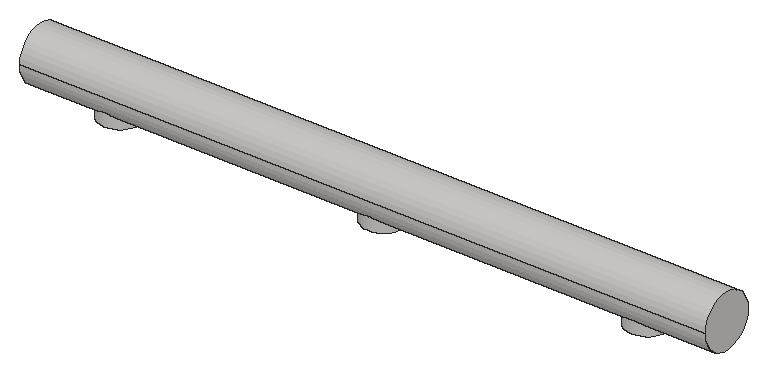
Revit family "Manifold_NPT-JCI_Sapphire_Plus-(70bar)Novec1230", category Specialty Equipment, Revit 2017
Family settings
  Round Connector Dimension = Use Diameter
  Part Type = Normal
  OmniClass Number = 23.29.33.13.11
  Work Plane-Based = Yes
  Always vertical = No
  Cut with Voids When Loaded = No
  Shared = No
  Room Calculation Point = No
Parameters (values of type "100mm_NPT_3PT")
  Width [instance] = size_lookup(Unit Assembly, "Width", 1000.0 mm, NPT Type, Nominal Type)  # 47.6 mm
  Weight [instance] = if(and(Pipe Diameter = 80.0 mm, Number of Inlets = 2), 24.70 lbf, if(and(Pipe Diameter = 80.0 mm, Number of Inlets = 3), 39.60 lbf, if(and(Pipe Diameter = 80.0 mm, Number of Inlets = 4), 54.40 lbf, if(and(Pipe Diameter = 80.0 mm, Number of Inlets = 5), 69.20 lbf, if(and(Pipe Diameter = 80.0 mm, Number of Inlets = 6), 84.00 lbf, if(and(Pipe Diameter = 100.0 mm, Number of Inlets = 2), 42.70 lbf, if(and(Pipe Diameter = 100.0 mm, Number of Inlets = 3), 68.80 lbf, if(and(Pipe Diameter = 100.0 mm, Number of Inlets = 4), 95.00 lbf, if(and(Pipe Diameter = 100.0 mm, Number of Inlets = 5), 121.00 lbf, if(and(Pipe Diameter = 100.0 mm, Number of Inlets = 6), 147.10 lbf, 0.00 lbf))))))))))  # 68.80 lbf
  Use Annotation Scale [instance] = 0
  Unit Assembly = "Sapphire Plus_Manifold"  # constant formula
  URL = "http://www.sapphireplus.com"
  Product Page URL = "http://www.sapphireplus.com"
  Product Material = JCI - Metal - Stainless Steel - Satin
  Product Documentation Link = "http://www.sapphireplus.com"
  Pipe Diameter = size_lookup(Unit Assembly, "Pipe Diameter", 1000.0 mm, NPT Type, Nominal Type)  # 100.0 mm
  Part Number = if(and(Pipe Diameter = 80.0 mm, Number of Inlets = 2), "307700004", if(and(Pipe Diameter = 80.0 mm, Number of Inlets = 3), "307700005", if(and(Pipe Diameter = 80.0 mm, Number of Inlets = 4), "307700006", if(and(Pipe Diameter = 80.0 mm, Number of Inlets = 5), "307700007", if(and(Pipe Diameter = 80.0 mm, Number of Inlets = 6), "307700008", if(and(Pipe Diameter = 100.0 mm, Number of Inlets = 2), "307700009", if(and(Pipe Diameter = 100.0 mm, Number of Inlets = 3), "307700010", if(and(Pipe Diameter = 100.0 mm, Number of Inlets = 4), "307700011", if(and(Pipe Diameter = 100.0 mm, Number of Inlets = 5), "307700012", if(and(Pipe Diameter = 100.0 mm, Number of Inlets = 6), "307700013", "NA"))))))))))  # "307700010"
  Part Description [instance] = if(and(Pipe Diameter = 80.0 mm, Number of Inlets = 2), "80 mm Manifold NPT – 2 PT", if(and(Pipe Diameter = 80.0 mm, Number of Inlets = 3), "80 mm Manifold NPT – 3 PT", if(and(Pipe Diameter = 80.0 mm, Number of Inlets = 4), "80 mm Manifold NPT – 4 PT", if(and(Pipe Diameter = 80.0 mm, Number of Inlets = 5), "80 mm Manifold NPT – 5 PT", if(and(Pipe Diameter = 80.0 mm, Number of Inlets = 6), "80 mm Manifold NPT – 6 PT", if(and(Pipe Diameter = 100.0 mm, Number of Inlets = 2), "100 mm Manifold NPT – 2 PT", if(and(Pipe Diameter = 100.0 mm, Number of Inlets = 3), "100 mm Manifold NPT – 3 PT", if(and(Pipe Diameter = 100.0 mm, Number of Inlets = 4), "100 mm Manifold NPT – 4 PT", if(and(Pipe Diameter = 100.0 mm, Number of Inlets = 5), "100 mm Manifold NPT – 5 PT", if(and(Pipe Diameter = 100.0 mm, Number of Inlets = 6), "100 mm Manifold NPT – 6 PT", "NA"))))))))))  # "100 mm Manifold NPT – 3 PT"
  Operating Temperature = 122 °F  # constant formula
  Number of Inlets = 3
  Nominal Type = 100
  NPT Type = 3
  Model Disclaimer = " For More Information Contact JOHNSON CONTROLS"  # constant formula
  Model = "307700010"
  Manufacturer = "Johnson Controls, Inc."  # constant formula
  Length = size_lookup(Unit Assembly, "Length", 1000.0 mm, NPT Type, Nominal Type)  # 1300.0 mm
  Height [instance] = size_lookup(Unit Assembly, "Height", 1000.0 mm, NPT Type, Nominal Type)  # 41.0 mm
  Fire Suppression Agent = "''3M Novec'' 1230 Fire Protection Fluid"  # constant formula
  Family Version = "1.0"  # constant formula
  Equipment Number [instance] = ""
  Equipment Abbreviation = "MP"  # constant formula
  Diameter [instance] = size_lookup(Unit Assembly, "Diameter", 1000.0 mm, NPT Type, Nominal Type)  # 76.0 mm
  Description = "100mm_NPT_3PT"
  Default Elevation = 0.0 mm
  Date Modified = "YYYY/MM/DD"  # constant formula
  Date Created = "2018/08/24"  # constant formula
  Copyright © = "Copyright © 2001-2018 Johnson Controls Inc."  # constant formula
  Assembly Code = "D4090300"
Types (10, lengths in mm): name | Weight | URL | Pipe Diameter | Part Number | Part Description | Number of Inlets | Nominal Type | NPT Type | Model | Length | Equipment Number | Diameter | Description
  80mm_NPT_2PT | 24.70 lbf | "http://www.sapphireplus.com" | 80.0 | "307700004" | "80 mm Manifold NPT – 2 PT" | 2 | 80 | 2 | "307700004" | 800.0 | "" | 67.0 | "80mm_NPT_2PT"
  80mm_NPT_3PT | 39.60 lbf | "http://www.sapphireplus.com" | 80.0 | "307700005" | "80 mm Manifold NPT – 3 PT" | 3 | 80 | 3 | "307700005" | 1300.0 | "" | 67.0 | "80mm_NPT_3PT"
  80mm_NPT_4PT | 54.40 lbf | "http://www.sapphireplus.com" | 80.0 | "307700006" | "80 mm Manifold NPT – 4 PT" | 4 | 80 | 4 | "307700006" | 1800.0 | "" | 67.0 | "80mm_NPT_4PT"
  80mm_NPT_5PT | 69.20 lbf | "http://www.sapphireplus.com" | 80.0 | "307700007" | "80 mm Manifold NPT – 5 PT" | 5 | 80 | 5 | "307700007" | 2300.0 | "" | 67.0 | "80mm_NPT_5PT"
  80mm_NPT_6PT | 84.00 lbf | "http://www.sapphireplus.com" | 80.0 | "307700008" | "80 mm Manifold NPT – 6 PT" | 6 | 80 | 6 | "307700008" | 2800.0 | "" | 67.0 | "80mm_NPT_6PT"
  100mm_NPT_2PT | 42.70 lbf | "https://www.ansul.com/en/us/Literatures/Private/SAPPHIRE%20Suppression%20Systems/PN570590.pdf" | 100.0 | "307700009" | "100 mm Manifold NPT – 2 PT" | 2 | 100 | 2 | "307700009" | 800.0 | "XXX" | 76.0 | "100 mm Manifold NPT – 2 PT"
  100mm_NPT_4PT | 95.00 lbf | "http://www.sapphireplus.com" | 100.0 | "307700011" | "100 mm Manifold NPT – 4 PT" | 4 | 100 | 4 | "307700011" | 1800.0 | "" | 76.0 | "100mm_NPT_4PT"
  100mm_NPT_5PT | 121.00 lbf | "http://www.sapphireplus.com" | 100.0 | "307700012" | "100 mm Manifold NPT – 5 PT" | 5 | 100 | 5 | "307700012" | 2300.0 | "" | 76.0 | "100mm_NPT_5PT"
  100mm_NPT_6PT | 147.10 lbf | "http://www.sapphireplus.com" | 100.0 | "307700013" | "100 mm Manifold NPT – 6 PT" | 6 | 100 | 6 | "307700013" | 2800.0 | "" | 76.0 | "100mm_NPT_6PT"
  100mm_NPT_3PT | 68.80 lbf | "http://www.sapphireplus.com" | 100.0 | "307700010" | "100 mm Manifold NPT – 3 PT" | 3 | 100 | 3 | "307700010" | 1300.0 | "" | 76.0 | "100mm_NPT_3PT"
Reference planes
  plane 1 "Center (Front/Back)": y = 0
  plane 2: z = 0
  plane 3 "Center (Left/Right)": x = 0
  plane 4 "Length of Manifold 2": x = -400
  plane 5 "Length of Manifold 1": x = 900
  plane 6: y = 0
  plane 7: y = 0
  plane 8: y = -40
  plane 9: x = 250
  plane 10: x = -250
Forms (mm)
  Extrusion 1, solid, material "JCI - Metal - Stainless Steel - Satin" <- "Product Material"
    sketch origin (-180, 0, -4.54) x (0, 1, 0) y (0, 0, 1)
      loop
        circle (0, 44.54) r 50
    from -220 to 1080
  Extrusion 2, solid, material "JCI - Metal - Stainless Steel - Satin" <- "Product Material"
    sketch origin (0, 0, 0) x (1, 0, 0) y (0, 1, 0)
      loop
        circle (-250, 0) r 38
    from -17.102 to 50.331
  Extrusion 3, solid, material "JCI - Metal - Stainless Steel - Satin" <- "Product Material"
    sketch origin (500, 0, 0) x (1, 0, 0) y (0, 1, 0)
      loop
        circle (-250, 0) r 38
    from -17.102 to 50.331
  Extrusion 4, solid, material "JCI - Metal - Stainless Steel - Satin" <- "Product Material"
    sketch origin (1000, 0, 0) x (1, 0, 0) y (0, 1, 0)
      loop
        circle (-250, 0) r 38
    from -17.102 to 50.331
Dimensions and locks
  "Length": plane 4 "Length of Manifold 2" to plane 5 "Length of Manifold 1"
  equal spacing: group 1, group 2, group 3  (x3)
  "Pipe Diameter": diameter of Extrusion 1 sketch curve
  "Diameter": diameter of Extrusion 2 sketch curve
  "Diameter": diameter of Extrusion 3 sketch curve
  "Diameter": diameter of Extrusion 4 sketch curve
  aligned and locked: level to plane 2
  aligned and locked: Extrusion 1 to plane 4 "Length of Manifold 2"
  aligned and locked: Extrusion 1 to plane 5 "Length of Manifold 1"
  aligned and locked: plane 1 "Center (Front/Back)" to plane 6
  aligned and locked: plane 7 to Extrusion 2
Automatic sketch dimensions
  Extrusion 1 sketch curve to plane 1 "Center (Front/Back)" = 0.0 mm
  level to Extrusion 1 sketch curve = 40.0 mm
Connectors
  piping at (-400, 0, 40), diameter 100, driven by "Pipe Diameter"
    settings: on Extrusion 1, index 1, connector inside diameter 24", connector length 0.0 mm, flow factor 0, pipe flow 0 GPM, pressure drop 0.00 psi, fitting loss kfactor 0, connector angle 0.00°, fixture units 0, engagement length 0.0 mm, angle of deflection 0.00°, flow configuration 0, flow direction 1, fitting loss method 0, system type 26, joint type 0, gender type 0, connector reference index -1, connector utility 0, adjustable connector no, is connector primary yes, connector description ""
